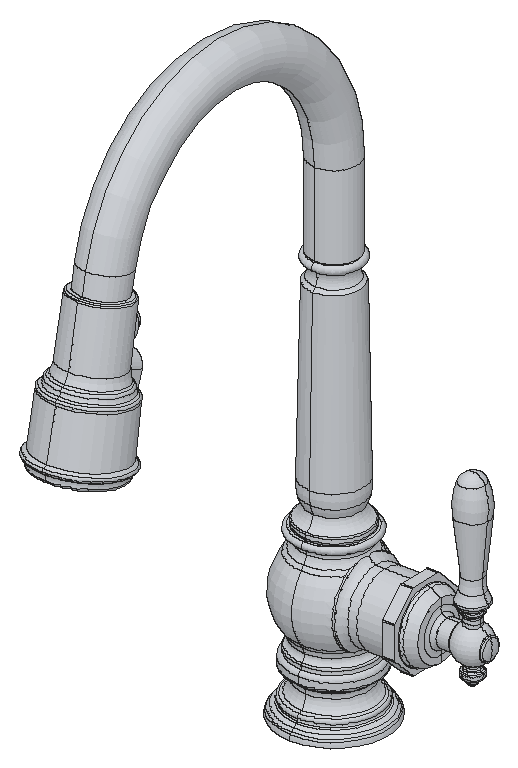
Revit family "Faucet-Kitchen_Sink-KOHLER-Artifacts-K-99261", category Plumbing Fixtures, host Face, Revit 2015
Parameters (values of type "CP- Polished Chrome")
  Width = 5 1/8"  # constant formula
  Waste Water Outlet = "Waste Water Outlet"  # constant formula
  Waste Connection = no
  Vent Connection = no
  URL = "https://www.us.kohler.com/us/"
  Type = 1
  Spout Reach = 7 9/16"  # constant formula
  Product Page URL = "http://www.us.kohler.com/us/catalog/productDetails.jsp?productNumber=99261"
  Product Name = "Artifacts"  # constant formula
  Product Documentation Link = "http://www.us.kohler.com/onlinecatalog/pdf/K-99261_spec.pdf"
  Pressure = 60.00 psi  # constant formula
  Model = if(Type = 1, "K-99261-CP", if(Type = 2, "K-99261-SN", if(Type = 3, "K-99261-VS", if(Type = 4, "K-99261-2BZ", "NA"))))  # "K-99261-CP"
  Material = "Premium Metal Construction"  # constant formula
  MasterFormat 2004 = "22.41.39"  # constant formula
  MasterFormat 1995 = "15410"  # constant formula
  Manufacturer Address = "444 Highland Dr, Kohler, WI 53044"  # constant formula
  Manufacturer = "KOHLER Co."  # constant formula
  Length = 10 1/32"  # constant formula
  Hot Water Inlet = "Hot Water Inlet"  # constant formula
  Height = 15 29/32"  # constant formula
  HW Connection = yes
  Flow Rate = 1.5 GPM  # constant formula
  Finish = Kohler-Metal-CP-Polished_Chrome
  Faucet Hole Spacing = 0"
  Environmental Product Declaration = ""
  Description = "Single-hole kitchen sink faucet with 16 inch pull-down spout and turned lever handle, DockNetik magnetic docking system, and 3-function sprayhead featuring Sweep and BerrySoft spray"  # constant formula
  Default Elevation = 36"
  Declare Label = ""
  Date Modified = "02/27/2018"  # constant formula
  Date Created = "02/27/2018"  # constant formula
  Copyright = "Copyright KOHLER Co."  # constant formula
  Contact Us = "https://www.us.kohler.com/us/static/contact.jsp"
  Cold Water Inlet = "Cold Water Inlet"  # constant formula
  CW Connection = yes
  Assembly Code = "D2020"
  ADA Compliant = yes
Reference planes (in)
  plane 1 "Center (Front/Back)": y = 0
  plane 2: z = 0
  plane 3 "Center (Left/Right)": x = 0
  plane 4: y = 1.36583
  plane 5: y = -8.66542
  plane 6: x = -1.36583
  plane 7: x = 3.75917
  plane 8: z = 15.90625
  plane 9: y = -7.5625
Dimensions and locks (in)
  "Length": plane 5 to plane 4
  "Width": plane 6 to plane 7
  "Height": plane 8 to level
  "Spout Reach": plane 1 "Center (Front/Back)" to plane 9
  aligned and locked: plane 2 to host face
  aligned and locked: level to host face
Automatic sketch dimensions
  host sketch curve to host sketch curve = 96"  (x2)
Nested families (in)
  nested 1: "K-99261" at (0, 0, 0), type "K-99261"
Connectors (in)
  piping at (-0.58199, 0, 0), diameter 0.375, driven by "Flow Rate", driven by "Pressure", driven by "HW Connection", driven by "Hot Water Inlet"
    settings: on nested 1, index 1, connector inside diameter 24", connector length 0", flow factor 0, pipe flow 1.5 GPM, pressure drop 60.00 psi, fitting loss kfactor 0, connector angle 0.00°, fixture units 0, engagement length 0", angle of deflection 0.00°, flow configuration 1, flow direction 1, fitting loss method 4, system type 19, joint type 0, gender type 0, connector reference index -1, connector utility 1, adjustable connector no, is connector primary yes, connector description "Hot Water Inlet"
  piping at (0.58199, 0, 0), diameter 0.375, driven by "Flow Rate", driven by "Pressure", driven by "CW Connection", driven by "Cold Water Inlet"
    settings: on nested 1, index 2, connector inside diameter 24", connector length 0", flow factor 0, pipe flow 1.5 GPM, pressure drop 60.00 psi, fitting loss kfactor 0, connector angle 0.00°, fixture units 0, engagement length 0", angle of deflection 0.00°, flow configuration 1, flow direction 1, fitting loss method 4, system type 20, joint type 0, gender type 0, connector reference index -1, connector utility 1, adjustable connector no, is connector primary no, connector description "Cold Water Inlet"
Definition of nested family "K-99261"
  Parameters (values of type "K-99261")
    Material = none
  Reference planes (in)
    plane 1 "Center (Front/Back)": y = 0
    plane 2: z = 0
    plane 3 "Center (Left/Right)": x = 0
    plane 4 "A": through (0, -5.80621, 11.21426) normal (0, -0.9397, 0.342)
  Forms (in)
    Revolve 1, solid, material <- "Material"
      sketch origin (0, 0, 0) x (0, 1, 0) y (0, 0, 1)
        loop
          line (0.56356, 9.87117) -> (0.43982, 9.87117)
          arc (0.43982, 9.87117) -> (0.41088, 9.87924) -> (0.3903, 9.90111) r 0.05593
          line (0.3903, 9.90111) -> (0, 9.90111) -> (0, 0) -> (1.30265, 0)
          arc (1.30265, 0) -> (1.29756, 0.05777) -> (1.28441, 0.11425) r 0.41172
          arc (1.28441, 0.11425) -> (1.27409, 0.13964) -> (1.25957, 0.16289) r 0.1588
          arc (1.25957, 0.16289) -> (1.23182, 0.19674) -> (1.20135, 0.22815) r 0.52462
          arc (1.20135, 0.22815) -> (1.15662, 0.26159) -> (1.10537, 0.28376) r 0.23938
          arc (1.10537, 0.28376) -> (1.08467, 0.29495) -> (1.07014, 0.31345) r 0.05794
          arc (1.07014, 0.31345) -> (1.06275, 0.34256) -> (1.06809, 0.37212) r 0.0709
          arc (1.06809, 0.37212) -> (1.06649, 0.42683) -> (1.0246, 0.46206) r 0.06694
          arc (1.0246, 0.46206) -> (0.98574, 0.47285) -> (0.95207, 0.49505) r 0.12985
          arc (0.95207, 0.49505) -> (0.85729, 0.62702) -> (0.8243, 0.78611) r 0.39123
          arc (0.8243, 0.78611) -> (0.83436, 0.85662) -> (0.86313, 0.92177) r 0.26062
          arc (0.86313, 0.92177) -> (0.87248, 0.93613) -> (0.88251, 0.95003) r 0.35664
          arc (0.88251, 0.95003) -> (0.89267, 0.9628) -> (0.90341, 0.9751) r 0.35664
          arc (0.90341, 0.9751) -> (0.91646, 0.98864) -> (0.9302, 1.00147) r 0.35664
          arc (0.9302, 1.00147) -> (0.98141, 1.03923) -> (1.03852, 1.06729) r 0.35664
          arc (1.03852, 1.06729) -> (1.05279, 1.07856) -> (1.05818, 1.09593) r 0.03068
          line (1.05818, 1.09593) -> (1.05818, 1.24947)
          arc (1.05818, 1.24947) -> (1.03269, 1.32373) -> (0.96697, 1.36669) r 0.12094
          arc (0.96697, 1.36669) -> (0.96465, 1.40943) -> (0.96798, 1.45211) r 0.32369
          arc (0.96798, 1.45211) -> (0.96376, 1.4792) -> (0.94502, 1.49923) r 0.04658
          arc (0.94502, 1.49923) -> (0.87938, 1.57303) -> (0.87159, 1.6715) r 0.15514
          arc (0.87159, 1.6715) -> (0.89478, 1.74473) -> (0.9268, 1.81455) r 0.62308
          arc (0.9268, 1.81455) -> (0.95268, 1.85845) -> (0.98205, 1.90009) r 0.62308
          arc (0.98205, 1.90009) -> (1.24557, 2.68729) -> (0.96753, 3.46948) r 1.27242
          arc (0.96753, 3.46948) -> (0.9278, 3.51683) -> (0.88581, 3.5622) r 1.27242
          arc (0.88581, 3.5622) -> (0.82621, 3.6482) -> (0.79768, 3.74888) r 0.31863
          arc (0.79768, 3.74888) -> (0.81053, 3.82088) -> (0.86049, 3.87428) r 0.12884
          arc (0.86049, 3.87428) -> (0.89571, 3.89324) -> (0.92942, 3.91476) r 0.53911
          arc (0.92942, 3.91476) -> (0.9589, 4.00037) -> (0.88595, 4.05402) r 0.07642
          line (0.88595, 4.05402) -> (0.80583, 4.05402)
          arc (0.80583, 4.05402) -> (0.81967, 4.0676) -> (0.82474, 4.08631) r 0.03702
          line (0.82474, 4.08631) -> (0.82474, 4.18295)
          arc (0.82474, 4.18295) -> (0.8198, 4.20044) -> (0.80644, 4.21275) r 0.03341
          arc (0.80644, 4.21275) -> (0.66527, 4.33913) -> (0.60594, 4.51908) r 0.36704
          arc (0.60594, 4.51908) -> (0.6535, 4.62551) -> (0.68809, 4.73683) r 0.98134
          arc (0.68809, 4.73683) -> (0.71449, 4.90657) -> (0.71088, 5.07831) r 0.98134
          arc (0.71088, 5.07831) -> (0.57512, 7.16817) -> (0.62256, 9.26189) r 23.93449
          arc (0.62256, 9.26189) -> (0.57601, 9.29961) -> (0.53866, 9.34646) r 0.27682
          arc (0.53866, 9.34646) -> (0.49377, 9.52567) -> (0.56447, 9.69636) r 0.29449
          arc (0.56447, 9.69636) -> (0.65097, 9.78422) -> (0.56356, 9.87117) r 0.08741
        axis (0, 9.90111) -> (0, 0)
      angle from 0 to 360
    Sweep 2, solid, material <- "Material"
      path origin (0, 0, 0) x (0, 1, 0) y (0, 0, 1)
        loop
          line (-6.91328, 12.05496) -> (-6.81562, 12.55738)
          arc (-6.81562, 12.55738) -> (-3.10975, 15.32468) -> (0, 11.90111) r 3.4394
          line (0, 11.90111) -> (0, 9.90111)
      profile origin (0, -6.86445, 12.30617) x (0, -0.981627, 0.190809) y (1, 0, 0)
        loop
          circle (0, 0) r 0.5625
    Revolve 3, solid, material <- "Material"
      sketch origin (0, -0.00781, 0) x (0, 1, 0) y (0, 0, 1)
        loop
          line (-6.90573, 12.05359) -> (-7.46495, 12.16229)
          arc (-7.46495, 12.16229) -> (-7.50502, 12.16572) -> (-7.5449, 12.16058) r 0.18882
          arc (-7.5449, 12.16058) -> (-7.56451, 12.1529) -> (-7.58127, 12.14013) r 0.07611
          arc (-7.58127, 12.14013) -> (-7.59384, 12.12688) -> (-7.60584, 12.11312) r 0.43208
          arc (-7.60584, 12.11312) -> (-7.73238, 11.43053) -> (-7.8886, 10.75412) r 15.88866
          arc (-7.8886, 10.75412) -> (-7.92989, 10.63798) -> (-7.99188, 10.53144) r 0.66568
          arc (-7.99188, 10.53144) -> (-8.01799, 10.50579) -> (-8.0513, 10.49063) r 0.10532
          arc (-8.0513, 10.49063) -> (-8.088, 10.46889) -> (-8.10738, 10.43089) r 0.07658
          arc (-8.10738, 10.43089) -> (-8.12383, 10.38004) -> (-8.15223, 10.33477) r 0.21654
          arc (-8.15223, 10.33477) -> (-8.18354, 10.31203) -> (-8.222, 10.30772) r 0.07572
          arc (-8.222, 10.30772) -> (-8.25399, 10.29274) -> (-8.26958, 10.26104) r 0.05327
          arc (-8.26958, 10.26104) -> (-8.27288, 10.23384) -> (-8.2763, 10.20666) r 6.80227
          arc (-8.2763, 10.20666) -> (-8.37592, 9.62696) -> (-8.52525, 9.05803) r 6.80227
          arc (-8.52525, 9.05803) -> (-8.57493, 9.03932) -> (-8.62183, 9.01445) r 0.41647
          arc (-8.62183, 9.01445) -> (-8.64658, 8.98628) -> (-8.65121, 8.94908) r 0.06375
          spline (-8.65121, 8.94908) -> (-8.65014, 8.94403) -> (-8.64872, 8.93918) -> (-8.64697, 8.93451) -> (-8.64487, 8.93003) -> (-8.64244, 8.92574) -> (-8.63967, 8.92164) -> (-8.63656, 8.91773) -> (-8.63311, 8.914) -> (-8.62932, 8.91047) -> (-8.62519, 8.90712) -> (-8.62072, 8.90397) -> (-8.61591, 8.901)
          arc (-8.61591, 8.901) -> (-8.60082, 8.89328) -> (-8.59047, 8.87986) r 0.03874
          spline (-8.59047, 8.87986) -> (-8.58556, 8.86853) -> (-8.58131, 8.857) -> (-8.57771, 8.84529) -> (-8.57476, 8.83338) -> (-8.57248, 8.82127) -> (-8.57085, 8.80898) -> (-8.56987, 8.79649) -> (-8.56955, 8.7838) -> (-8.56989, 8.77093) -> (-8.57088, 8.75786) -> (-8.57253, 8.7446) -> (-8.57484, 8.73115)
          arc (-8.57484, 8.73115) -> (-8.57099, 8.71224) -> (-8.5549, 8.70159) r 0.02521
          line (-8.5549, 8.70159) -> (-7.59362, 8.51473) -> (-6.90573, 12.05359)
        axis (-6.90573, 12.05359) -> (-7.59362, 8.51473)
      angle from 0 to 360
    Revolve 4, solid, material <- "Material"
      sketch origin (0, 0, 0) x (0, 1, 0) y (0, 0, 1)
        loop
          line (-6.27395, 11.15134) -> (-6.07746, 11.11315)
          arc (-6.07746, 11.11315) -> (-6.06174, 11.21755) -> (-6.05457, 11.32288) r 1.29763
          arc (-6.05457, 11.32288) -> (-6.05563, 11.34494) -> (-6.05316, 11.36689) r 0.13815
          arc (-6.05316, 11.36689) -> (-6.0565, 11.38328) -> (-6.07044, 11.39251) r 0.02185
          line (-6.07044, 11.39251) -> (-6.22137, 11.42184) -> (-6.21253, 11.46734)
          arc (-6.21253, 11.46734) -> (-6.21574, 11.48768) -> (-6.23126, 11.50122) r 0.03016
          arc (-6.23126, 11.50122) -> (-6.25586, 11.51495) -> (-6.27572, 11.53492) r 0.10112
          arc (-6.27572, 11.53492) -> (-6.2839, 11.55005) -> (-6.28735, 11.56689) r 0.05872
          arc (-6.28735, 11.56689) -> (-6.28763, 11.58254) -> (-6.28676, 11.59817) r 0.21145
          line (-6.28676, 11.59817) -> (-6.44863, 11.62964) -> (-6.53186, 11.20147) -> (-6.27395, 11.15134)
        axis (-6.07746, 11.11315) -> (-6.53186, 11.20147)
      angle from 0 to 360
    Revolve 5, solid, material <- "Material"
      sketch origin (0, 0, 0) x (1, 0, 0) y (0, 0, 1)
        loop
          line (0.62733, 2.67865) -> (2.98073, 2.67865) -> (2.98073, 2.99043) -> (2.68432, 2.99043)
          arc (2.68432, 2.99043) -> (2.61664, 3.0112) -> (2.57343, 3.06728) r 0.1167
          arc (2.57343, 3.06728) -> (2.55536, 3.13484) -> (2.54928, 3.20451) r 0.40195
          line (2.54928, 3.20451) -> (2.54928, 3.3681)
          arc (2.54928, 3.3681) -> (2.42754, 3.44286) -> (2.29563, 3.49773) r 0.91341
          arc (2.29563, 3.49773) -> (2.26563, 3.51104) -> (2.23845, 3.52943) r 0.18534
          line (2.23845, 3.52943) -> (1.21765, 3.52943)
          arc (1.21765, 3.52943) -> (1.11202, 3.53258) -> (1.00677, 3.54202) r 1.77146
          arc (1.00677, 3.54202) -> (0.89166, 3.58573) -> (0.8104, 3.67822) r 0.2553
          line (0.8104, 3.67822) -> (0.62733, 3.67822) -> (0.62733, 2.67865)
        loop
          line (3.62786, 2.94365) -> (3.62786, 2.67865) -> (3.75947, 2.67865)
          arc (3.75947, 2.67865) -> (3.7519, 2.79802) -> (3.72539, 2.91465) r 0.74746
          arc (3.72539, 2.91465) -> (3.71916, 2.93098) -> (3.70712, 2.94365) r 0.04454
          line (3.70712, 2.94365) -> (3.62786, 2.94365)
        axis (3.75947, 2.67865) -> (0.62733, 2.67865)
      angle from 0 to 360
    Revolve 6, solid, material <- "Material"
      sketch origin (0, 0, 0) x (1, 0, 0) y (0, 0, 1)
        loop
          line (3.30354, 3.60165) -> (3.30354, 1.76808)
          arc (3.30354, 1.76808) -> (3.3359, 1.7756) -> (3.36428, 1.79286) r 0.1049
          arc (3.36428, 1.79286) -> (3.38551, 1.81395) -> (3.40327, 1.83804) r 0.19502
          arc (3.40327, 1.83804) -> (3.41467, 1.85567) -> (3.42665, 1.87291) r 0.64788
          arc (3.42665, 1.87291) -> (3.46084, 1.91644) -> (3.49861, 1.95689) r 0.64788
          arc (3.49861, 1.95689) -> (3.51363, 1.96821) -> (3.53105, 1.97526) r 0.07213
          arc (3.53105, 1.97526) -> (3.54704, 1.98581) -> (3.55324, 2.00395) r 0.02963
          line (3.55324, 2.00395) -> (3.55324, 2.07885)
          arc (3.55324, 2.07885) -> (3.54836, 2.0951) -> (3.53533, 2.10596) r 0.02948
          arc (3.53533, 2.10596) -> (3.51331, 2.11856) -> (3.49476, 2.13586) r 0.10989
          arc (3.49476, 2.13586) -> (3.48291, 2.15159) -> (3.47298, 2.1686) r 0.16772
          arc (3.47298, 2.1686) -> (3.46522, 2.19027) -> (3.46307, 2.2132) r 0.09206
          arc (3.46307, 2.2132) -> (3.46509, 2.23541) -> (3.46968, 2.25724) r 0.191
          arc (3.46968, 2.25724) -> (3.47884, 2.27333) -> (3.49463, 2.28301) r 0.03717
          arc (3.49463, 2.28301) -> (3.74429, 2.68214) -> (3.48853, 3.07738) r 0.4385
          line (3.48853, 3.07738) -> (3.48853, 3.15385)
          arc (3.48853, 3.15385) -> (3.4889, 3.20539) -> (3.49, 3.25693) r 3.63054
          arc (3.49, 3.25693) -> (3.49164, 3.27801) -> (3.49535, 3.29882) r 0.2143
          arc (3.49535, 3.29882) -> (3.50095, 3.31388) -> (3.51024, 3.32698) r 0.06179
          arc (3.51024, 3.32698) -> (3.52315, 3.336) -> (3.53864, 3.33885) r 0.03711
          arc (3.53864, 3.33885) -> (3.54964, 3.35128) -> (3.55362, 3.3674) r 0.0347
          line (3.55362, 3.3674) -> (3.55362, 3.41796)
          arc (3.55362, 3.41796) -> (3.54427, 3.44052) -> (3.5217, 3.44987) r 0.03191
          spline (3.5217, 3.44987) -> (3.53634, 3.45424) -> (3.55034, 3.45936) -> (3.56373, 3.46523) -> (3.57649, 3.47183) -> (3.58863, 3.47918) -> (3.60015, 3.48728) -> (3.61104, 3.49612) -> (3.62131, 3.5057) -> (3.63095, 3.51602) -> (3.63998, 3.52709) -> (3.64837, 3.5389) -> (3.65615, 3.55146)
          arc (3.65615, 3.55146) -> (3.66287, 3.57655) -> (3.65615, 3.60165) r 0.05019
          arc (3.65615, 3.60165) -> (3.60376, 3.70879) -> (3.56658, 3.8221) r 0.86693
          arc (3.56658, 3.8221) -> (3.53951, 3.97977) -> (3.53732, 4.13973) r 1.02396
          arc (3.53732, 4.13973) -> (3.59153, 4.77229) -> (3.67219, 5.40202) r 15.14857
          arc (3.67219, 5.40202) -> (3.67894, 5.76745) -> (3.5916, 6.12235) r 1.41088
          arc (3.5916, 6.12235) -> (3.47816, 6.26705) -> (3.30354, 6.32465) r 0.31761
          line (3.30354, 6.32465) -> (3.30354, 3.60165)
        axis (3.30354, 6.32465) -> (3.30354, 1.76808)
      angle from 0 to 360
    Extrusion 7, solid, material <- "Material"
      sketch origin (0, 0, 0) x (0, 1, 0) y (0, 0, 1)
        loop
          arc (-0.91965, 3.07864) -> (-0.92908, 3.06511) -> (-0.93325, 3.04915) r 0.04694
          line (-0.93325, 3.04915) -> (-0.93325, 2.30815)
          arc (-0.93325, 2.30815) -> (-0.92968, 2.29224) -> (-0.91965, 2.27938) r 0.03722
          line (-0.91965, 2.27938) -> (-0.39641, 1.75614)
          arc (-0.39641, 1.75614) -> (-0.38049, 1.74629) -> (-0.36184, 1.7446) r 0.04077
          line (-0.36184, 1.7446) -> (0.36581, 1.7446)
          arc (0.36581, 1.7446) -> (0.38258, 1.74717) -> (0.39782, 1.75463) r 0.0561
          line (0.39782, 1.75463) -> (0.92602, 2.28283)
          arc (0.92602, 2.28283) -> (0.93338, 2.30316) -> (0.93589, 2.32464) r 0.09349
          line (0.93589, 2.32464) -> (0.93589, 3.04055)
          arc (0.93589, 3.04055) -> (0.93545, 3.05915) -> (0.92602, 3.07519) r 0.03703
          line (0.92602, 3.07519) -> (0.39782, 3.60339)
          arc (0.39782, 3.60339) -> (0.38258, 3.61085) -> (0.36581, 3.61342) r 0.0561
          line (0.36581, 3.61342) -> (-0.36184, 3.61342)
          arc (-0.36184, 3.61342) -> (-0.38049, 3.61173) -> (-0.39641, 3.60188) r 0.04077
          line (-0.39641, 3.60188) -> (-0.91965, 3.07864)
      from 1.90976 to 2.19119
    Extrusion 8, solid, material <- "Material"
      sketch origin (0, -9.98562, 0.36054) x (0, 0.34202, 0.939693) y (-1, 0, 0)
        loop
          line (9.88485, -0.28543) -> (10.50488, -0.28522)
          arc (10.50488, -0.28522) -> (10.84881, 0.04713) -> (10.52866, 0.40246) r 0.34425
          line (10.52866, 0.40246) -> (9.88462, 0.40224)
          arc (9.88462, 0.40224) -> (9.5409, 0.05829) -> (9.88485, -0.28543) r 0.34384
      from -0.33139 to 0.47627
    Extrusion 9, solid, material <- "Material"
      sketch origin (0, 0, 0) x (1, 0, 0) y (0, 1, 0)
        loop
          circle (0.58199, 0) r 0.1875
        loop
          circle (-0.58199, 0) r 0.1875
      from 0 to 0.02439
  Cuts and joins
    joined: Revolve 1, Sweep 2, Revolve 3, Revolve 5, Revolve 6, Extrusion 7
    joined: Revolve 4, Extrusion 8
  Lines and regions (in)
    Masking region 1
      outline origin (0, 0, 0) x (1, 0, 0) y (0, 1, 0)
        loop
          line (-0.56316, -1.17388) -> (-0.56316, -6.4877)
          arc (-0.56316, -6.4877) -> (-0.77018, -6.67519) -> (-0.91646, -6.91313) r 0.98818
          arc (-0.91646, -6.91313) -> (-1.0469, -7.96521) -> (-0.22979, -8.64064) r 1.10221
          arc (-0.22979, -8.64064) -> (-0.0167, -8.66084) -> (0.19639, -8.64064) r 1.13385
          arc (0.19639, -8.64064) -> (1.04304, -7.96894) -> (0.90866, -6.89659) r 1.10221
          arc (0.90866, -6.89659) -> (0.76401, -6.66882) -> (0.56316, -6.48867) r 0.98818
          line (0.56316, -6.48867) -> (0.56316, -1.17388)
          arc (0.56316, -1.17388) -> (0.78019, -1.04232) -> (0.96758, -0.87116) r 1.30197
          arc (0.96758, -0.87116) -> (1.07182, -0.85593) -> (1.17704, -0.85084) r 1.08987
          line (1.17704, -0.85084) -> (1.90976, -0.85084) -> (1.90976, -0.93325) -> (2.19119, -0.93325) -> (2.19119, -0.85078) -> (2.23845, -0.85078)
          arc (2.23845, -0.85078) -> (2.26577, -0.83263) -> (2.29563, -0.81908) r 0.20458
          arc (2.29563, -0.81908) -> (2.42657, -0.76232) -> (2.54928, -0.68945) r 1.12629
          line (2.54928, -0.68945) -> (2.54928, -0.51338)
          arc (2.54928, -0.51338) -> (2.55428, -0.45617) -> (2.56915, -0.40069) r 0.32948
          arc (2.56915, -0.40069) -> (2.61157, -0.33659) -> (2.68432, -0.31178) r 0.11905
          line (2.68432, -0.31178) -> (2.98975, -0.31178)
          arc (2.98975, -0.31178) -> (3.33363, -0.44064) -> (3.65611, -0.26496) r 0.44173
          line (3.65611, -0.26496) -> (3.70712, -0.26496)
          arc (3.70712, -0.26496) -> (3.71818, -0.25169) -> (3.72539, -0.236) r 0.0655
          arc (3.72539, -0.236) -> (3.76088, 0) -> (3.72539, 0.236) r 0.80253
          arc (3.72539, 0.236) -> (3.71999, 0.25227) -> (3.70851, 0.26501) r 0.04185
          line (3.70851, 0.26501) -> (3.65607, 0.26501)
          arc (3.65607, 0.26501) -> (3.3336, 0.44064) -> (2.98975, 0.31178) r 0.44173
          line (2.98975, 0.31178) -> (2.68432, 0.31178)
          arc (2.68432, 0.31178) -> (2.61157, 0.33659) -> (2.56915, 0.40069) r 0.11905
          arc (2.56915, 0.40069) -> (2.55428, 0.45617) -> (2.54928, 0.51338) r 0.32948
          line (2.54928, 0.51338) -> (2.54928, 0.68945)
          arc (2.54928, 0.68945) -> (2.42657, 0.76232) -> (2.29563, 0.81908) r 1.12629
          arc (2.29563, 0.81908) -> (2.26577, 0.83263) -> (2.23845, 0.85078) r 0.20458
          line (2.23845, 0.85078) -> (2.19119, 0.85078) -> (2.19119, 0.93686) -> (1.90976, 0.93686) -> (1.90976, 0.85084) -> (1.17704, 0.85084)
          arc (1.17704, 0.85084) -> (1.07182, 0.85593) -> (0.96758, 0.87116) r 1.08987
          arc (0.96758, 0.87116) -> (-1.04232, 0.78019) -> (-0.56316, -1.17388) r 1.30197
    Masking region 2
      outline origin (0, 0, 0) x (1, 0, 0) y (0, 0, 1)
        loop
          arc (3.08537, 3.44987) -> (3.06122, 3.43895) -> (3.05346, 3.41362) r 0.03217
          line (3.05346, 3.41362) -> (3.05346, 3.36682)
          arc (3.05346, 3.36682) -> (3.05744, 3.35096) -> (3.06843, 3.33885) r 0.03361
          arc (3.06843, 3.33885) -> (3.08712, 3.33386) -> (3.10126, 3.32065) r 0.03987
          arc (3.10126, 3.32065) -> (3.1115, 3.29859) -> (3.11524, 3.27457) r 0.0871
          arc (3.11524, 3.27457) -> (3.11771, 3.21378) -> (3.11854, 3.15295) r 2.24124
          line (3.11854, 3.15295) -> (3.11854, 3.07794)
          arc (3.11854, 3.07794) -> (3.05204, 3.03955) -> (2.99283, 2.99066) r 0.46147
          line (2.99283, 2.99066) -> (2.68432, 2.99066)
          arc (2.68432, 2.99066) -> (2.61408, 3.01393) -> (2.57163, 3.07452) r 0.11764
          arc (2.57163, 3.07452) -> (2.56672, 3.09044) -> (2.56157, 3.10628) r 1.07438
          arc (2.56157, 3.10628) -> (2.55288, 3.14046) -> (2.54928, 3.17554) r 0.24089
          line (2.54928, 3.17554) -> (2.54928, 3.3681)
          arc (2.54928, 3.3681) -> (2.42823, 3.44422) -> (2.29563, 3.49773) r 0.80496
          arc (2.29563, 3.49773) -> (2.26524, 3.51077) -> (2.23845, 3.53015) r 0.14982
          line (2.23845, 3.53015) -> (2.19119, 3.53015) -> (2.19119, 3.61382) -> (1.90976, 3.61382) -> (1.90976, 3.53015) -> (1.20318, 3.53015)
          arc (1.20318, 3.53015) -> (1.08927, 3.53469) -> (0.97608, 3.54827) r 1.43188
          arc (0.97608, 3.54827) -> (0.94238, 3.55757) -> (0.91151, 3.57399) r 0.15938
          arc (0.91151, 3.57399) -> (0.85152, 3.62658) -> (0.80961, 3.69445) r 0.26883
          arc (0.80961, 3.69445) -> (0.79651, 3.75379) -> (0.80599, 3.81381) r 0.16342
          arc (0.80599, 3.81381) -> (0.82727, 3.84942) -> (0.86049, 3.87428) r 0.10713
          arc (0.86049, 3.87428) -> (0.89538, 3.89262) -> (0.92886, 3.91343) r 0.54454
          arc (0.92886, 3.91343) -> (0.95945, 3.99961) -> (0.88595, 4.05402) r 0.07684
          line (0.88595, 4.05402) -> (0.80491, 4.05402)
          arc (0.80491, 4.05402) -> (0.81965, 4.06711) -> (0.82513, 4.08605) r 0.03547
          line (0.82513, 4.08605) -> (0.82513, 4.18139)
          arc (0.82513, 4.18139) -> (0.81894, 4.20194) -> (0.80243, 4.21565) r 0.0372
          arc (0.80243, 4.21565) -> (0.77099, 4.23239) -> (0.743, 4.25444) r 0.20047
          arc (0.743, 4.25444) -> (0.72804, 4.26788) -> (0.71245, 4.28057) r 0.41237
          arc (0.71245, 4.28057) -> (0.63733, 4.39006) -> (0.60594, 4.51908) r 0.36816
          arc (0.60594, 4.51908) -> (0.70328, 4.76657) -> (0.71653, 5.03219) r 0.82229
          arc (0.71653, 5.03219) -> (0.67803, 5.41543) -> (0.64907, 5.79952) r 15.48421
          arc (0.64907, 5.79952) -> (0.6086, 6.32973) -> (0.58201, 6.86083) r 20.31551
          arc (0.58201, 6.86083) -> (0.56816, 7.61083) -> (0.58201, 8.36083) r 20.31551
          line (0.58201, 8.36083) -> (0.72989, 8.38957)
          arc (0.72989, 8.38957) -> (0.86246, 8.42295) -> (0.98253, 8.4883) r 0.54429
          arc (0.98253, 8.4883) -> (0.99626, 8.50334) -> (1.00283, 8.52262) r 0.04977
          line (1.00283, 8.52262) -> (1.01189, 8.59638) -> (1.02622, 8.63372)
          arc (1.02622, 8.63372) -> (1.07068, 8.66209) -> (1.10827, 8.69908) r 0.25222
          arc (1.10827, 8.69908) -> (1.12764, 8.74539) -> (1.11822, 8.79469) r 0.08705
          arc (1.11822, 8.79469) -> (1.07433, 8.85446) -> (1.01456, 8.89835) r 0.24478
          arc (1.01456, 8.89835) -> (0.99308, 9.15316) -> (0.98148, 9.40861) r 6.60631
          arc (0.98148, 9.40861) -> (0.97824, 9.72233) -> (0.99341, 10.0357) r 5.34645
          arc (0.99341, 10.0357) -> (0.99816, 10.08605) -> (0.97648, 10.13175) r 0.0953
          arc (0.97648, 10.13175) -> (0.93406, 10.17008) -> (0.88353, 10.19683) r 0.23085
          arc (0.88353, 10.19683) -> (0.87494, 10.22084) -> (0.87125, 10.24608) r 0.1286
          arc (0.87125, 10.24608) -> (0.87054, 10.27319) -> (0.86354, 10.29938) r 0.11552
          arc (0.86354, 10.29938) -> (0.82932, 10.35135) -> (0.77735, 10.38557) r 0.15418
          arc (0.77735, 10.38557) -> (0.73978, 10.4786) -> (0.72234, 10.57741) r 0.48048
          arc (0.72234, 10.57741) -> (0.69197, 11.27109) -> (0.69812, 11.96542) r 13.20322
          arc (0.69812, 11.96542) -> (0.6984, 11.98189) -> (0.6925, 11.99728) r 0.04319
          line (0.6925, 11.99728) -> (0.67334, 12.02793)
          arc (0.67334, 12.02793) -> (0.6394, 12.06188) -> (0.59742, 12.08515) r 0.17245
          line (0.59742, 12.08515) -> (0.56248, 12.09856) -> (0.56248, 15.3467)
          arc (0.56248, 15.3467) -> (0, 15.90919) -> (-0.56248, 15.3467) r 0.56248
          line (-0.56248, 15.3467) -> (-0.56248, 12.09856) -> (-0.59742, 12.08515)
          arc (-0.59742, 12.08515) -> (-0.6394, 12.06188) -> (-0.67334, 12.02793) r 0.17245
          line (-0.67334, 12.02793) -> (-0.6925, 11.99728)
          arc (-0.6925, 11.99728) -> (-0.6984, 11.98189) -> (-0.69812, 11.96542) r 0.04319
          arc (-0.69812, 11.96542) -> (-0.69197, 11.27109) -> (-0.72234, 10.57741) r 13.20322
          arc (-0.72234, 10.57741) -> (-0.73978, 10.4786) -> (-0.77735, 10.38557) r 0.48048
          arc (-0.77735, 10.38557) -> (-0.82932, 10.35135) -> (-0.86354, 10.29938) r 0.15418
          arc (-0.86354, 10.29938) -> (-0.87054, 10.27319) -> (-0.87125, 10.24608) r 0.11552
          arc (-0.87125, 10.24608) -> (-0.87494, 10.22084) -> (-0.88353, 10.19683) r 0.1286
          arc (-0.88353, 10.19683) -> (-0.93406, 10.17008) -> (-0.97648, 10.13175) r 0.23085
          arc (-0.97648, 10.13175) -> (-0.99816, 10.08605) -> (-0.99341, 10.0357) r 0.0953
          arc (-0.99341, 10.0357) -> (-0.97824, 9.72233) -> (-0.98148, 9.40861) r 5.34645
          arc (-0.98148, 9.40861) -> (-0.99308, 9.15316) -> (-1.01456, 8.89835) r 6.60631
          arc (-1.01456, 8.89835) -> (-1.07433, 8.85446) -> (-1.11822, 8.79469) r 0.24478
          arc (-1.11822, 8.79469) -> (-1.12764, 8.74539) -> (-1.10827, 8.69908) r 0.08705
          arc (-1.10827, 8.69908) -> (-1.07068, 8.66209) -> (-1.02622, 8.63372) r 0.25222
          line (-1.02622, 8.63372) -> (-1.01189, 8.59638) -> (-1.00283, 8.52262)
          arc (-1.00283, 8.52262) -> (-0.99626, 8.50334) -> (-0.98253, 8.4883) r 0.04977
          arc (-0.98253, 8.4883) -> (-0.86246, 8.42295) -> (-0.72989, 8.38957) r 0.54429
          line (-0.72989, 8.38957) -> (-0.58201, 8.36083)
          arc (-0.58201, 8.36083) -> (-0.56816, 7.61083) -> (-0.58201, 6.86083) r 20.31551
          arc (-0.58201, 6.86083) -> (-0.6086, 6.32973) -> (-0.64907, 5.79952) r 20.31551
          arc (-0.64907, 5.79952) -> (-0.67803, 5.41543) -> (-0.71653, 5.03219) r 15.48421
          arc (-0.71653, 5.03219) -> (-0.70328, 4.76657) -> (-0.60594, 4.51908) r 0.82229
          arc (-0.60594, 4.51908) -> (-0.63733, 4.39006) -> (-0.71245, 4.28057) r 0.36816
          arc (-0.71245, 4.28057) -> (-0.72804, 4.26788) -> (-0.743, 4.25444) r 0.41237
          arc (-0.743, 4.25444) -> (-0.77099, 4.23239) -> (-0.80243, 4.21565) r 0.20047
          arc (-0.80243, 4.21565) -> (-0.81894, 4.20194) -> (-0.82513, 4.18139) r 0.0372
          line (-0.82513, 4.18139) -> (-0.82513, 4.08605)
          arc (-0.82513, 4.08605) -> (-0.81965, 4.06711) -> (-0.80491, 4.05402) r 0.03547
          line (-0.80491, 4.05402) -> (-0.88595, 4.05402)
          arc (-0.88595, 4.05402) -> (-0.95945, 3.99961) -> (-0.92886, 3.91343) r 0.07684
          arc (-0.92886, 3.91343) -> (-0.89538, 3.89262) -> (-0.86049, 3.87428) r 0.54454
          arc (-0.86049, 3.87428) -> (-0.82727, 3.84942) -> (-0.80599, 3.81381) r 0.10713
          arc (-0.80599, 3.81381) -> (-0.79651, 3.75379) -> (-0.80961, 3.69445) r 0.16342
          arc (-0.80961, 3.69445) -> (-0.87491, 3.57786) -> (-0.96335, 3.47766) r 0.62994
          arc (-0.96335, 3.47766) -> (-1.24387, 2.71994) -> (-1.01689, 1.94449) r 1.28559
          arc (-1.01689, 1.94449) -> (-0.98861, 1.90515) -> (-0.95888, 1.86692) r 1.28559
          arc (-0.95888, 1.86692) -> (-0.89362, 1.75382) -> (-0.86635, 1.62614) r 0.41898
          arc (-0.86635, 1.62614) -> (-0.87416, 1.57727) -> (-0.90142, 1.53597) r 0.11735
          arc (-0.90142, 1.53597) -> (-0.9294, 1.51037) -> (-0.95906, 1.48672) r 0.55838
          arc (-0.95906, 1.48672) -> (-0.96806, 1.47406) -> (-0.96792, 1.45853) r 0.02519
          arc (-0.96792, 1.45853) -> (-0.96428, 1.41261) -> (-0.96792, 1.36669) r 0.29115
          arc (-0.96792, 1.36669) -> (-1.00355, 1.3495) -> (-1.03297, 1.32304) r 0.14031
          arc (-1.03297, 1.32304) -> (-1.05168, 1.29056) -> (-1.05818, 1.25363) r 0.10815
          line (-1.05818, 1.25363) -> (-1.05818, 1.09671)
          arc (-1.05818, 1.09671) -> (-1.05091, 1.0761) -> (-1.03231, 1.06463) r 0.03283
          arc (-1.03231, 1.06463) -> (-0.84643, 0.88877) -> (-0.85798, 0.63314) r 0.30749
          arc (-0.85798, 0.63314) -> (-0.89042, 0.57527) -> (-0.92699, 0.51992) r 0.90879
          arc (-0.92699, 0.51992) -> (-0.9697, 0.4807) -> (-1.0246, 0.46206) r 0.14059
          arc (-1.0246, 0.46206) -> (-1.05814, 0.43974) -> (-1.07299, 0.4023) r 0.0675
          arc (-1.07299, 0.4023) -> (-1.07174, 0.38342) -> (-1.0653, 0.36562) r 0.0675
          arc (-1.0653, 0.36562) -> (-1.06471, 0.32937) -> (-1.08225, 0.29764) r 0.07035
          arc (-1.08225, 0.29764) -> (-1.1011, 0.28367) -> (-1.1235, 0.27668) r 0.07035
          arc (-1.1235, 0.27668) -> (-1.25664, 0.16646) -> (-1.30318, 0) r 0.28934
          line (-1.30318, 0) -> (1.30318, 0)
          arc (1.30318, 0) -> (1.25664, 0.16646) -> (1.1235, 0.27668) r 0.28934
          arc (1.1235, 0.27668) -> (1.1011, 0.28367) -> (1.08225, 0.29764) r 0.07035
          arc (1.08225, 0.29764) -> (1.06471, 0.32937) -> (1.0653, 0.36562) r 0.07035
          arc (1.0653, 0.36562) -> (1.07174, 0.38342) -> (1.07299, 0.4023) r 0.0675
          arc (1.07299, 0.4023) -> (1.05814, 0.43974) -> (1.0246, 0.46206) r 0.0675
          arc (1.0246, 0.46206) -> (0.9697, 0.4807) -> (0.92699, 0.51992) r 0.14059
          arc (0.92699, 0.51992) -> (0.89042, 0.57527) -> (0.85798, 0.63314) r 0.90879
          arc (0.85798, 0.63314) -> (0.84643, 0.88877) -> (1.03231, 1.06463) r 0.30749
          arc (1.03231, 1.06463) -> (1.05091, 1.0761) -> (1.05818, 1.09671) r 0.03283
          line (1.05818, 1.09671) -> (1.05818, 1.25363)
          arc (1.05818, 1.25363) -> (1.05168, 1.29056) -> (1.03297, 1.32304) r 0.10815
          arc (1.03297, 1.32304) -> (1.00355, 1.3495) -> (0.96792, 1.36669) r 0.14031
          arc (0.96792, 1.36669) -> (0.96428, 1.41261) -> (0.96792, 1.45853) r 0.29115
          arc (0.96792, 1.45853) -> (0.96806, 1.47406) -> (0.95906, 1.48672) r 0.02519
          arc (0.95906, 1.48672) -> (0.9294, 1.51037) -> (0.90142, 1.53597) r 0.55838
          arc (0.90142, 1.53597) -> (0.87416, 1.57727) -> (0.86635, 1.62614) r 0.11735
          arc (0.86635, 1.62614) -> (0.88003, 1.70763) -> (0.91151, 1.78403) r 0.36864
          arc (0.91151, 1.78403) -> (0.94238, 1.80045) -> (0.97608, 1.80975) r 0.15938
          arc (0.97608, 1.80975) -> (1.08927, 1.82333) -> (1.20318, 1.82787) r 1.43188
          line (1.20318, 1.82787) -> (1.90976, 1.82787) -> (1.90976, 1.7442) -> (2.19119, 1.7442) -> (2.19119, 1.82787) -> (2.23845, 1.82787)
          arc (2.23845, 1.82787) -> (2.26524, 1.84725) -> (2.29563, 1.86029) r 0.14982
          arc (2.29563, 1.86029) -> (2.42823, 1.9138) -> (2.54928, 1.98992) r 0.80496
          line (2.54928, 1.98992) -> (2.54928, 2.18199)
          arc (2.54928, 2.18199) -> (2.55288, 2.21707) -> (2.56157, 2.25125) r 0.24089
          arc (2.56157, 2.25125) -> (2.56672, 2.26709) -> (2.57163, 2.28301) r 1.07438
          arc (2.57163, 2.28301) -> (2.61408, 2.3436) -> (2.68432, 2.36687) r 0.11764
          line (2.68432, 2.36687) -> (2.99333, 2.36687)
          arc (2.99333, 2.36687) -> (3.04956, 2.32021) -> (3.11244, 2.28301) r 0.46147
          arc (3.11244, 2.28301) -> (3.13148, 2.26701) -> (3.14081, 2.24396) r 0.05153
          arc (3.14081, 2.24396) -> (3.14293, 2.22408) -> (3.14366, 2.20409) r 0.28669
          arc (3.14366, 2.20409) -> (3.13854, 2.1757) -> (3.12373, 2.15093) r 0.08052
          arc (3.12373, 2.15093) -> (3.10055, 2.12437) -> (3.07036, 2.10615) r 0.11409
          arc (3.07036, 2.10615) -> (3.05696, 2.09409) -> (3.0543, 2.07626) r 0.02666
          line (3.0543, 2.07626) -> (3.0543, 2.00301)
          arc (3.0543, 2.00301) -> (3.06157, 1.98397) -> (3.07967, 1.9746) r 0.02859
          arc (3.07967, 1.9746) -> (3.0955, 1.96675) -> (3.1095, 1.95596) r 0.09016
          arc (3.1095, 1.95596) -> (3.16358, 1.89699) -> (3.20838, 1.83069) r 0.54208
          arc (3.20838, 1.83069) -> (3.24849, 1.78776) -> (3.30354, 1.76721) r 0.12832
          arc (3.30354, 1.76721) -> (3.35858, 1.78776) -> (3.39869, 1.83069) r 0.12832
          arc (3.39869, 1.83069) -> (3.44349, 1.89699) -> (3.49757, 1.95596) r 0.54208
          arc (3.49757, 1.95596) -> (3.51157, 1.96675) -> (3.5274, 1.9746) r 0.09016
          arc (3.5274, 1.9746) -> (3.54551, 1.98397) -> (3.55277, 2.00301) r 0.02859
          line (3.55277, 2.00301) -> (3.55277, 2.07626)
          arc (3.55277, 2.07626) -> (3.55011, 2.09409) -> (3.53671, 2.10615) r 0.02666
          arc (3.53671, 2.10615) -> (3.50652, 2.12437) -> (3.48334, 2.15093) r 0.11409
          arc (3.48334, 2.15093) -> (3.46853, 2.1757) -> (3.46341, 2.20409) r 0.08052
          arc (3.46341, 2.20409) -> (3.46414, 2.22408) -> (3.46626, 2.24396) r 0.28669
          arc (3.46626, 2.24396) -> (3.47559, 2.26701) -> (3.49463, 2.28301) r 0.05153
          arc (3.49463, 2.28301) -> (3.58244, 2.33905) -> (3.65544, 2.41336) r 0.46147
          line (3.65544, 2.41336) -> (3.70712, 2.41336)
          arc (3.70712, 2.41336) -> (3.71904, 2.42627) -> (3.72539, 2.44265) r 0.04705
          arc (3.72539, 2.44265) -> (3.76066, 2.67852) -> (3.72539, 2.9144) r 0.80647
          arc (3.72539, 2.9144) -> (3.71904, 2.93077) -> (3.70712, 2.94368) r 0.04705
          line (3.70712, 2.94368) -> (3.6562, 2.94368)
          arc (3.6562, 2.94368) -> (3.58029, 3.0207) -> (3.48853, 3.07794) r 0.46147
          line (3.48853, 3.07794) -> (3.48853, 3.15295)
          arc (3.48853, 3.15295) -> (3.48936, 3.21378) -> (3.49184, 3.27457) r 2.24124
          arc (3.49184, 3.27457) -> (3.49557, 3.29859) -> (3.50581, 3.32065) r 0.0871
          arc (3.50581, 3.32065) -> (3.51995, 3.33386) -> (3.53864, 3.33885) r 0.03987
          arc (3.53864, 3.33885) -> (3.54963, 3.35096) -> (3.55361, 3.36682) r 0.03361
          line (3.55361, 3.36682) -> (3.55361, 3.41362)
          arc (3.55361, 3.41362) -> (3.54585, 3.43895) -> (3.5217, 3.44987) r 0.03217
        loop
          arc (3.07995, 3.44941) -> (3.00944, 3.48777) -> (2.95388, 3.54571) r 0.26148
          arc (2.95388, 3.54571) -> (2.94421, 3.57643) -> (2.95388, 3.60715) r 0.0536
          arc (2.95388, 3.60715) -> (2.97884, 3.64871) -> (2.99779, 3.69334) r 0.34878
          arc (2.99779, 3.69334) -> (3.06731, 4.0348) -> (3.04593, 4.38261) r 1.33255
          arc (3.04593, 4.38261) -> (3.04216, 4.44493) -> (3.03456, 4.5069) r 1.01583
          arc (3.03456, 4.5069) -> (3.01541, 4.65189) -> (3.00244, 4.79757) r 3.43527
          arc (3.00244, 4.79757) -> (2.97613, 5.06577) -> (2.93362, 5.33189) r 4.4483
          arc (2.93362, 5.33189) -> (2.92227, 5.40037) -> (2.91427, 5.46933) r 1.42272
          arc (2.91427, 5.46933) -> (2.92354, 5.80594) -> (3.01167, 6.13094) r 1.42272
          arc (3.01167, 6.13094) -> (3.29714, 6.32361) -> (3.58261, 6.13094) r 0.30782
        loop
          arc (3.52712, 3.44941) -> (3.59763, 3.48777) -> (3.65319, 3.54571) r 0.26148
          arc (3.65319, 3.54571) -> (3.66286, 3.57643) -> (3.65319, 3.60715) r 0.0536
          arc (3.65319, 3.60715) -> (3.62823, 3.64871) -> (3.60928, 3.69334) r 0.34878
          arc (3.60928, 3.69334) -> (3.54159, 4.0115) -> (3.55301, 4.33659) r 1.33255
          arc (3.55301, 4.33659) -> (3.55527, 4.42199) -> (3.5647, 4.5069) r 1.01583
          arc (3.5647, 4.5069) -> (3.58385, 4.65189) -> (3.59682, 4.79757) r 3.43527
          arc (3.59682, 4.79757) -> (3.62313, 5.06577) -> (3.66563, 5.33189) r 4.4483
          arc (3.66563, 5.33189) -> (3.67699, 5.40037) -> (3.68499, 5.46933) r 1.42272
          arc (3.68499, 5.46933) -> (3.67571, 5.80594) -> (3.58759, 6.13094) r 1.42272
    Masking region 3
      outline origin (0, 0, 0) x (0, 1, 0) y (0, 0, 1)
        loop
          arc (1.30265, 0) -> (1.24839, 0.17891) -> (1.09642, 0.2878) r 0.29078
          arc (1.09642, 0.2878) -> (1.06635, 0.32404) -> (1.06701, 0.37112) r 0.06806
          arc (1.06701, 0.37112) -> (1.06512, 0.4256) -> (1.0246, 0.46206) r 0.0697
          arc (1.0246, 0.46206) -> (0.99671, 0.46905) -> (0.97082, 0.48157) r 0.14078
          arc (0.97082, 0.48157) -> (0.93463, 0.51228) -> (0.90392, 0.54846) r 0.29109
          arc (0.90392, 0.54846) -> (0.83098, 0.83992) -> (1.03093, 1.06418) r 0.32119
          arc (1.03093, 1.06418) -> (1.04973, 1.07197) -> (1.05751, 1.09076) r 0.02659
          line (1.05751, 1.09076) -> (1.05751, 1.2508)
          arc (1.05751, 1.2508) -> (1.03244, 1.32453) -> (0.96697, 1.36669) r 0.11828
          arc (0.96697, 1.36669) -> (0.96437, 1.40942) -> (0.96798, 1.45207) r 0.295
          arc (0.96798, 1.45207) -> (0.96209, 1.48334) -> (0.9377, 1.50379) r 0.04727
          arc (0.9377, 1.50379) -> (0.8969, 1.54257) -> (0.87139, 1.59275) r 0.16602
          arc (0.87139, 1.59275) -> (0.87491, 1.68555) -> (0.90641, 1.77292) r 0.30249
          arc (0.90641, 1.77292) -> (0.93152, 1.82914) -> (0.96697, 1.87949) r 0.31875
          arc (0.96697, 1.87949) -> (1.06248, 2.01053) -> (1.13581, 2.15515) r 1.01064
          arc (1.13581, 2.15515) -> (1.21182, 2.92396) -> (0.85352, 3.60841) r 1.34904
          arc (0.85352, 3.60841) -> (0.83053, 3.64261) -> (0.81734, 3.68164) r 0.15554
          arc (0.81734, 3.68164) -> (0.81129, 3.70854) -> (0.80374, 3.73505) r 0.48989
          arc (0.80374, 3.73505) -> (0.8043, 3.80538) -> (0.84605, 3.86198) r 0.11395
          arc (0.84605, 3.86198) -> (0.88387, 3.88676) -> (0.92362, 3.90832) r 0.5443
          arc (0.92362, 3.90832) -> (0.96464, 3.99459) -> (0.88986, 4.05402) r 0.07676
          line (0.88986, 4.05402) -> (0.80583, 4.05402)
          arc (0.80583, 4.05402) -> (0.81959, 4.06783) -> (0.82463, 4.08667) r 0.03775
          line (0.82463, 4.08667) -> (0.82463, 4.18692)
          arc (0.82463, 4.18692) -> (0.82001, 4.20178) -> (0.80816, 4.21188) r 0.02796
          arc (0.80816, 4.21188) -> (0.77953, 4.22701) -> (0.75302, 4.24562) r 0.25757
          arc (0.75302, 4.24562) -> (0.6516, 4.36735) -> (0.60594, 4.51908) r 0.39651
          arc (0.60594, 4.51908) -> (0.68708, 4.73971) -> (0.71965, 4.97251) r 1.10374
          arc (0.71965, 4.97251) -> (0.66413, 5.55117) -> (0.62256, 6.13099) r 24.12762
          arc (0.62256, 6.13099) -> (0.55707, 7.69644) -> (0.62256, 9.26189) r 18.74363
          arc (0.62256, 9.26189) -> (0.49738, 9.46627) -> (0.56447, 9.69636) r 0.29613
          arc (0.56447, 9.69636) -> (0.65192, 9.78381) -> (0.56447, 9.87126) r 0.08745
          line (0.56447, 9.87126) -> (0.434, 9.87126)
          arc (0.434, 9.87126) -> (0.40844, 9.88075) -> (0.3903, 9.90111) r 0.05648
          line (0.3903, 9.90111) -> (0.5625, 9.90111) -> (0.5625, 11.86986)
          arc (0.5625, 11.86986) -> (-3.31327, 15.88909) -> (-7.47064, 12.16188) r 4.02188
          arc (-7.47064, 12.16188) -> (-7.5513, 12.16435) -> (-7.61366, 12.11312) r 0.11479
          arc (-7.61366, 12.11312) -> (-7.6263, 12.08069) -> (-7.62864, 12.04596) r 0.11479
          arc (-7.62864, 12.04596) -> (-7.69767, 11.64259) -> (-7.78231, 11.24221) r 10.53264
          line (-7.78231, 11.24221) -> (-7.89522, 10.75512)
          arc (-7.89522, 10.75512) -> (-7.92393, 10.6661) -> (-7.96716, 10.58315) r 0.55614
          line (-7.96716, 10.58315) -> (-8.00191, 10.52826)
          arc (-8.00191, 10.52826) -> (-8.01328, 10.51476) -> (-8.02784, 10.50477) r 0.06557
          arc (-8.02784, 10.50477) -> (-8.05103, 10.49393) -> (-8.0748, 10.48444) r 0.44477
          arc (-8.0748, 10.48444) -> (-8.08956, 10.47594) -> (-8.10058, 10.46296) r 0.04978
          arc (-8.10058, 10.46296) -> (-8.11112, 10.4438) -> (-8.11758, 10.42291) r 0.10799
          arc (-8.11758, 10.42291) -> (-8.13274, 10.37743) -> (-8.15852, 10.33702) r 0.19514
          arc (-8.15852, 10.33702) -> (-8.17012, 10.32518) -> (-8.18352, 10.31543) r 0.09915
          arc (-8.18352, 10.31543) -> (-8.20592, 10.30712) -> (-8.22981, 10.30772) r 0.06327
          arc (-8.22981, 10.30772) -> (-8.26946, 10.28102) -> (-8.28099, 10.23463) r 0.06658
          arc (-8.28099, 10.23463) -> (-8.37874, 9.64027) -> (-8.53307, 9.05803) r 6.26952
          arc (-8.53307, 9.05803) -> (-8.58445, 9.04014) -> (-8.63156, 9.01291) r 0.28814
          arc (-8.63156, 9.01291) -> (-8.65861, 8.95337) -> (-8.62035, 8.90034) r 0.06515
          arc (-8.62035, 8.90034) -> (-8.60634, 8.89079) -> (-8.59654, 8.87694) r 0.04782
          arc (-8.59654, 8.87694) -> (-8.57852, 8.80217) -> (-8.58277, 8.72538) r 0.26447
          arc (-8.58277, 8.72538) -> (-8.57585, 8.70957) -> (-8.56082, 8.70108) r 0.02726
          line (-8.56082, 8.70108) -> (-6.64368, 8.32843)
          arc (-6.64368, 8.32843) -> (-6.62691, 8.32979) -> (-6.61328, 8.33968) r 0.03119
          arc (-6.61328, 8.33968) -> (-6.59115, 8.40965) -> (-6.54964, 8.47016) r 0.24984
          arc (-6.54964, 8.47016) -> (-6.53735, 8.4811) -> (-6.52322, 8.48951) r 0.08656
          arc (-6.52322, 8.48951) -> (-6.47578, 8.50311) -> (-6.44834, 8.54412) r 0.07177
          arc (-6.44834, 8.54412) -> (-6.44774, 8.56554) -> (-6.45596, 8.58532) r 0.05121
          arc (-6.45596, 8.58532) -> (-6.49199, 8.63022) -> (-6.53411, 8.66947) r 0.39972
          arc (-6.53411, 8.66947) -> (-6.5035, 8.95104) -> (-6.4618, 9.23118) r 7.17043
          line (-6.4618, 9.23118) -> (-6.41104, 9.2127) -> (-5.96364, 10.44194) -> (-6.46805, 10.62553) -> (-6.44998, 10.75407)
          arc (-6.44998, 10.75407) -> (-6.44053, 10.77426) -> (-6.42675, 10.79178) r 0.09757
          arc (-6.42675, 10.79178) -> (-6.39783, 10.80558) -> (-6.36611, 10.81018) r 0.10677
          arc (-6.36611, 10.81018) -> (-6.3462, 10.81722) -> (-6.33537, 10.83534) r 0.0311
          line (-6.33537, 10.83534) -> (-6.32656, 10.88071) -> (-6.17646, 10.85153)
          arc (-6.17646, 10.85153) -> (-6.15333, 10.85675) -> (-6.14812, 10.87988) r 0.0222
          arc (-6.14812, 10.87988) -> (-6.07754, 11.11079) -> (-6.05648, 11.35132) r 1.15587
          arc (-6.05648, 11.35132) -> (-6.05264, 11.37369) -> (-6.06714, 11.39114) r 0.02712
          line (-6.06714, 11.39114) -> (-6.22151, 11.42115) -> (-6.21253, 11.46734)
          arc (-6.21253, 11.46734) -> (-6.21531, 11.48649) -> (-6.22943, 11.49974) r 0.02932
          arc (-6.22943, 11.49974) -> (-6.25441, 11.51408) -> (-6.27589, 11.53325) r 0.13898
          arc (-6.27589, 11.53325) -> (-6.28876, 11.56553) -> (-6.29506, 11.59969) r 0.17695
          arc (-6.29506, 11.59969) -> (-6.27049, 11.72407) -> (-6.24232, 11.84768) r 4.37381
          arc (-6.24232, 11.84768) -> (-6.28125, 11.91595) -> (-6.35432, 11.94489) r 0.11862
          arc (-6.35432, 11.94489) -> (-5.12669, 14.26853) -> (-2.52547, 14.64275) r 2.89608
          arc (-2.52547, 14.64275) -> (-1.10383, 13.58707) -> (-0.5625, 11.90111) r 2.89608
          line (-0.5625, 11.90111) -> (-0.5625, 9.90111) -> (-0.3903, 9.90111)
          arc (-0.3903, 9.90111) -> (-0.40844, 9.88075) -> (-0.434, 9.87126) r 0.05648
          line (-0.434, 9.87126) -> (-0.56447, 9.87126)
          arc (-0.56447, 9.87126) -> (-0.65192, 9.78381) -> (-0.56447, 9.69636) r 0.08745
          arc (-0.56447, 9.69636) -> (-0.49738, 9.46627) -> (-0.62256, 9.26189) r 0.29613
          arc (-0.62256, 9.26189) -> (-0.55707, 7.69644) -> (-0.62256, 6.13099) r 18.74363
          arc (-0.62256, 6.13099) -> (-0.66413, 5.55117) -> (-0.71965, 4.97251) r 24.12762
          arc (-0.71965, 4.97251) -> (-0.68708, 4.73971) -> (-0.60594, 4.51908) r 1.10374
          arc (-0.60594, 4.51908) -> (-0.6516, 4.36735) -> (-0.75302, 4.24562) r 0.39651
          arc (-0.75302, 4.24562) -> (-0.77953, 4.22701) -> (-0.80816, 4.21188) r 0.25757
          arc (-0.80816, 4.21188) -> (-0.82001, 4.20178) -> (-0.82463, 4.18692) r 0.02796
          line (-0.82463, 4.18692) -> (-0.82463, 4.08667)
          arc (-0.82463, 4.08667) -> (-0.81959, 4.06783) -> (-0.80583, 4.05402) r 0.03775
          line (-0.80583, 4.05402) -> (-0.88986, 4.05402)
          arc (-0.88986, 4.05402) -> (-0.96464, 3.99459) -> (-0.92362, 3.90832) r 0.07676
          arc (-0.92362, 3.90832) -> (-0.88387, 3.88676) -> (-0.84605, 3.86198) r 0.5443
          arc (-0.84605, 3.86198) -> (-0.8043, 3.80538) -> (-0.80374, 3.73505) r 0.11395
          arc (-0.80374, 3.73505) -> (-0.81129, 3.70854) -> (-0.81734, 3.68164) r 0.48989
          arc (-0.81734, 3.68164) -> (-0.83053, 3.64261) -> (-0.85352, 3.60841) r 0.15554
          arc (-0.85352, 3.60841) -> (-1.21182, 2.92396) -> (-1.13581, 2.15515) r 1.34904
          arc (-1.13581, 2.15515) -> (-1.06248, 2.01053) -> (-0.96697, 1.87949) r 1.01064
          arc (-0.96697, 1.87949) -> (-0.93152, 1.82914) -> (-0.90641, 1.77292) r 0.31875
          arc (-0.90641, 1.77292) -> (-0.87491, 1.68555) -> (-0.87139, 1.59275) r 0.30249
          arc (-0.87139, 1.59275) -> (-0.8969, 1.54257) -> (-0.9377, 1.50379) r 0.16602
          arc (-0.9377, 1.50379) -> (-0.96209, 1.48334) -> (-0.96798, 1.45207) r 0.04727
          arc (-0.96798, 1.45207) -> (-0.96437, 1.40942) -> (-0.96697, 1.36669) r 0.295
          arc (-0.96697, 1.36669) -> (-1.03244, 1.32453) -> (-1.05751, 1.2508) r 0.11828
          line (-1.05751, 1.2508) -> (-1.05751, 1.09076)
          arc (-1.05751, 1.09076) -> (-1.04973, 1.07197) -> (-1.03093, 1.06418) r 0.02659
          arc (-1.03093, 1.06418) -> (-0.83098, 0.83992) -> (-0.90392, 0.54846) r 0.32119
          arc (-0.90392, 0.54846) -> (-0.93463, 0.51228) -> (-0.97082, 0.48157) r 0.29109
          arc (-0.97082, 0.48157) -> (-0.99671, 0.46905) -> (-1.0246, 0.46206) r 0.14078
          arc (-1.0246, 0.46206) -> (-1.06512, 0.4256) -> (-1.06701, 0.37112) r 0.0697
          arc (-1.06701, 0.37112) -> (-1.06635, 0.32404) -> (-1.09642, 0.2878) r 0.06806
          arc (-1.09642, 0.2878) -> (-1.24839, 0.17891) -> (-1.30265, 0) r 0.29078
          line (-1.30265, 0) -> (1.30265, 0)
    symbolic lines, detail levels medium+fine
      curve 1: arc (0, 0.5625, 0) -> (-0.39775, 0.39775, 0) -> (-0.5625, 0, 0) r 0.5625
      curve 2: arc (-0.56316, -0.57638, 0) -> (-0.74627, 0.30405, 0) -> (0, 0.80583, 0) r 0.80583
      curve 3: arc (-0.56316, -0.78606, 0) -> (-0.92063, 0.29575, 0) -> (0, 0.96697, 0) r 0.96697
      curve 4: arc (0, 0.56447, 0) -> (0.4125, 0.38531, 0) -> (0.56316, -0.03844, 0) r 0.56447
      curve 5: arc (0, 0.80583, 0) -> (0.74627, 0.30405, 0) -> (0.56316, -0.57638, 0) r 0.80583
      curve 6: arc (0, 0.96697, 0) -> (0.92063, 0.29575, 0) -> (0.56316, -0.78606, 0) r 0.96697
      curve 7: line (2.19119, -0.93325, 0) -> (2.19119, 0.93686, 0)
      curve 8: line (1.90976, 0.93686, 0) -> (1.90976, -0.93325, 0)
      curve 9: line (1.90976, 0.39782, 0) -> (2.19119, 0.39782, 0)
      curve 10: line (1.90976, -0.36184, 0) -> (2.19119, -0.36184, 0)
      curve 11: line (2.54928, 0, 0) -> (2.54928, -0.68945, 0)
      curve 12: line (2.54928, 0.68945, 0) -> (2.54928, 0, 0)
      curve 13: arc (0, 0.62256, 0) -> (-0.52574, 0.33343, 0) -> (-0.56316, -0.26539, 0) r 0.62256
      curve 14: arc (0.56316, -0.26539, 0) -> (0.52574, 0.33343, 0) -> (0, 0.62256, 0) r 0.62256
      curve 15: line (-0.56316, -0.57638, 0) -> (-0.56316, -0.78606, 0)
      curve 16: line (-0.56316, -0.57638, 0) -> (-0.56316, 0, 0)
      curve 17: line (0.56316, -0.57638, 0) -> (0.56316, -0.03844, 0)
      curve 18: line (-0.56316, -0.78606, 0) -> (-0.56316, -1.17388, 0)
      curve 19: line (0.56316, -0.57638, 0) -> (0.56316, -0.78606, 0)
      curve 20: line (0.56316, -0.78606, 0) -> (0.56316, -1.17388, 0)
      curve 21: line (0.8949, 0.94661, 0) -> (0.8949, 0.36632, 0)
      curve 22: line (0.91533, -0.31178, 0) -> (0.91533, -0.92591, 0)
      curve 23: line (0.8949, 0.94661, 0) -> (0.8949, 1.03182, 0)
      curve 24: line (0.91533, -0.92591, 0) -> (0.91533, -1.01374, 0)
      curve 25: line (0.91533, -1.01374, 0) -> (0.81806, -1.01374, 0)
      curve 26: line (0.81806, -1.01374, 0) -> (0.81806, -0.51556, 0)
      curve 27: line (0.8949, 1.03182, 0) -> (0.79402, 1.03182, 0)
      curve 28: line (0.79402, 1.03182, 0) -> (0.79402, 0.55187, 0)
      curve 29: arc (0.56372, -1.24407, 0) -> (0.83629, -1.07987, 0) -> (1.06347, -0.85705, 0) r 1.36583
      curve 30: arc (1.05959, 0.86183, 0) -> (-1.08135, 0.83437, 0) -> (-0.56491, -1.24353, 0) r 1.36583
      curve 31: line (2.23845, 0.85078, 0) -> (2.23845, -0.85078, 0)
      curve 32: line (2.29563, 0.81908, 0) -> (2.29563, -0.81908, 0)
      curve 33: line (2.68432, 0.31178, 0) -> (2.68432, -0.31178, 0)
      curve 34: line (3.70712, 0.26501, 0) -> (3.70712, -0.26501, 0)
      curve 35: line (3.65508, -0.17919, 0) -> (3.65508, -0.26633, 0)
      curve 36: line (3.65508, 0.17919, 0) -> (3.65508, 0.26633, 0)
      curve 37: line (2.98073, 0.31178, 0) -> (2.98073, 0.17919, 0)
      curve 38: line (2.98073, -0.31178, 0) -> (2.98073, -0.17919, 0)
      curve 39: circle (3.3179, 0, 0) r 0.38183 normal (0, 0, 1)
      curve 40: spline (0, -7.46571, 0) -> (0.07342, -7.46099, 0) -> (0.14559, -7.44689, 0) -> (0.21526, -7.42368, 0) -> (0.28125, -7.39173, 0) -> (0.34243, -7.35161, 0) -> (0.39775, -7.30398, 0) -> (0.44626, -7.24968, 0) -> (0.48714, -7.18963, 0) -> (0.51968, -7.12485, 0) -> (0.54333, -7.05646, 0) -> (0.55769, -6.98562, 0) -> (0.5625, -6.91354, 0)
      curve 41: spline (0, -8.22981, 0) -> (0.19943, -8.20923, 0) -> (0.39014, -8.14839, 0) -> (0.56379, -8.04994, 0) -> (0.71278, -7.9182, 0) -> (0.83061, -7.75892, 0) -> (0.91212, -7.57907, 0) -> (0.95374, -7.38652, 0) -> (0.95366, -7.18967, 0) -> (0.91188, -6.99715, 0) -> (0.83022, -6.81736, 0) -> (0.71226, -6.65818, 0) -> (0.56316, -6.52655, 0)
      curve 42: spline (0.68523, -6.79432, 0) -> (0.70546, -6.81289, 0) -> (0.72517, -6.832, 0) -> (0.74435, -6.85162, 0) -> (0.76297, -6.87175, 0) -> (0.78103, -6.89237, 0) -> (0.79851, -6.91346, 0) -> (0.8154, -6.93501, 0) -> (0.83168, -6.957, 0) -> (0.84735, -6.97942, 0) -> (0.86239, -7.00226, 0) -> (0.8768, -7.02548, 0) -> (0.89056, -7.04908, 0)
      curve 43: spline (-0.87593, -7.02403, 0) -> (-0.86279, -7.00287, 0) -> (-0.84911, -6.98203, 0) -> (-0.83492, -6.96153, 0) -> (-0.82021, -6.94139, 0) -> (-0.805, -6.9216, 0) -> (-0.7893, -6.9022, 0) -> (-0.77311, -6.88318, 0) -> (-0.75644, -6.86457, 0) -> (-0.73931, -6.84636, 0) -> (-0.72172, -6.82858, 0) -> (-0.70369, -6.81123, 0) -> (-0.68523, -6.79432, 0)
      curve 44: spline (-0.5625, -6.91354, 0) -> (-0.55769, -6.98562, 0) -> (-0.54333, -7.05646, 0) -> (-0.51968, -7.12485, 0) -> (-0.48714, -7.18963, 0) -> (-0.44626, -7.24968, 0) -> (-0.39775, -7.30398, 0) -> (-0.34243, -7.35161, 0) -> (-0.28125, -7.39173, 0) -> (-0.21526, -7.42368, 0) -> (-0.14559, -7.44689, 0) -> (-0.07342, -7.46099, 0) -> (0, -7.46571, 0)
      curve 45: spline (0, -7.61366, 0) -> (0.12759, -7.60212, 0) -> (0.25089, -7.56791, 0) -> (0.36575, -7.51216, 0) -> (0.46831, -7.43676, 0) -> (0.55511, -7.34424, 0) -> (0.62324, -7.23771, 0) -> (0.67041, -7.12076, 0) -> (0.69502, -6.99733, 0) -> (0.69625, -6.87155, 0) -> (0.67406, -6.74768, 0) -> (0.62919, -6.62986, 0) -> (0.56316, -6.52207, 0)
      curve 46: arc (-0.56316, -6.4877, 0) -> (-0.98013, -7.11869, 0) -> (-0.82879, -7.85971, 0) r 0.98818
      curve 47: line (-0.56316, -6.7009, 0) -> (-0.56316, -6.91354, 0)
      curve 48: line (0.56316, -6.7009, 0) -> (0.56316, -6.91354, 0)
      curve 49: line (-0.56316, -6.7009, 0) -> (-0.56316, -6.4877, 0)
      curve 50: line (0.56316, -6.7009, 0) -> (0.56316, -6.4877, 0)
      curve 51: spline (-0.56316, -6.52655, 0) -> (-0.71226, -6.65818, 0) -> (-0.83022, -6.81736, 0) -> (-0.91188, -6.99715, 0) -> (-0.95366, -7.18967, 0) -> (-0.95374, -7.38652, 0) -> (-0.91212, -7.57907, 0) -> (-0.83061, -7.75892, 0) -> (-0.71278, -7.9182, 0) -> (-0.56379, -8.04994, 0) -> (-0.39014, -8.14839, 0) -> (-0.19943, -8.20923, 0) -> (0, -8.22981, 0)
      curve 52: spline (-0.56316, -6.52207, 0) -> (-0.62919, -6.62986, 0) -> (-0.67406, -6.74768, 0) -> (-0.69625, -6.87155, 0) -> (-0.69502, -6.99733, 0) -> (-0.67041, -7.12076, 0) -> (-0.62324, -7.23771, 0) -> (-0.55511, -7.34424, 0) -> (-0.46831, -7.43676, 0) -> (-0.36575, -7.51216, 0) -> (-0.25089, -7.56791, 0) -> (-0.12759, -7.60212, 0) -> (0, -7.61366, 0)
      curve 53: arc (0.56316, -6.4877, 0) -> (0.99514, -7.22959, 0) -> (0.68356, -8.02954, 0) r 0.98818
      curve 54: arc (-0.98491, -7.46773, 0) -> (-0.10842, -8.52075, 0) -> (0.94043, -7.63928, 0) r 0.96649
      curve 55: line (0.8104, 0, 1.75967) -> (0.8104, 0, 3.67423)
